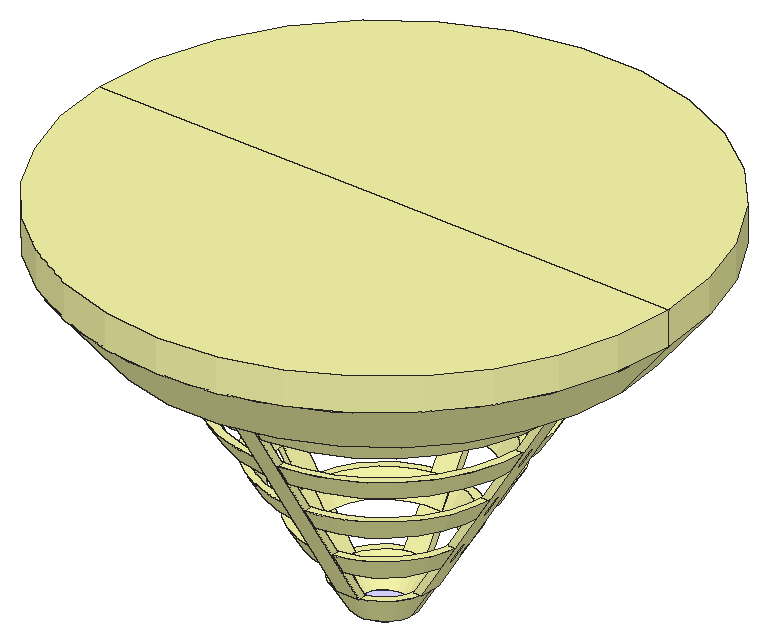
Revit family "FA_Multi Sensor Detector", category Fire Alarm Devices, Revit 2013
Reference planes
  plane 1 "Center (Front/Back)": y = 0
  plane 2: z = 0
  plane 3 "Center (Left/Right)": x = 0
  plane 4 "Bot": z = -35.323
  plane 5: z = -16.323
  plane 6: z = -21.323
  plane 7: z = -25.323
  plane 8: z = -31.323
  plane 9: z = -41.323
  plane 10: z = -45.323
  plane 11: z = -51.323
  plane 12: z = -55.323
  plane 13: z = -61.323
  plane 14: z = -66.323
Forms (mm)
  Revolve 1, solid, material "Face Plate"
    sketch origin (0, 0, 0) x (-1, 0, 0) y (0, 0, -1)
      loop
        line (-52, 0) -> (0, 0) -> (0, 16.323) -> (-43.664, 16.323) -> (-52, 6) -> (-52, 0)
      axis (0, 0) -> (0, 16.323)
    angle from 0 to 360
  Revolve 2, solid, material "Face Plate"
    sketch origin (0, 0, 0) x (1, 0, 0) y (0, 0, 1)
      loop
        line (-33.413, -21.323) -> (-30.914, -25.323) -> (-29.556, -25.323) -> (-32.056, -21.323) -> (-33.413, -21.323)
      loop
        line (-27.164, -31.323) -> (-24.665, -35.323) -> (-23.308, -35.323) -> (-25.807, -31.323) -> (-27.164, -31.323)
      loop
        line (-20.916, -41.323) -> (-18.416, -45.323) -> (-17.059, -45.323) -> (-19.559, -41.323) -> (-20.916, -41.323)
      loop
        line (-14.667, -51.323) -> (-12.168, -55.323) -> (-10.81, -55.323) -> (-13.31, -51.323) -> (-14.667, -51.323)
      loop
        line (-8.418, -61.323) -> (-5.294, -66.323) -> (-3.937, -66.323) -> (-7.061, -61.323) -> (-8.418, -61.323)
      axis (0, -21.323) -> (0, -66.323)
    angle from 0 to 360
  Extrusion 3, solid, material "Face Plate"
    sketch origin (0, 0, 0) x (1, 0, 0) y (0, 0, 1)
      loop
        line (-36.537, -16.323) -> (-8.418, -61.323) -> (-7.06, -61.323) -> (-35.179, -16.323) -> (-36.537, -16.323)
    from -2 to 2
  Extrusion 4, solid, material "Face Plate"
    sketch origin (0, 0, 0) x (0, -1, 0) y (0, 0, 1)
      loop
        line (-36.537, -16.323) -> (-8.418, -61.323) -> (-7.06, -61.323) -> (-35.179, -16.323) -> (-36.537, -16.323)
    from -2 to 2
  Extrusion 5, solid, material "Face Plate"
    sketch origin (0, 0, 0) x (0, 1, 0) y (0, 0, 1)
      loop
        line (-36.537, -16.323) -> (-8.418, -61.323) -> (-7.06, -61.323) -> (-35.179, -16.323) -> (-36.537, -16.323)
    from -2 to 2
  Extrusion 6, solid, material "Face Plate"
    sketch origin (0, 0, 0) x (-1, 0, 0) y (0, 0, 1)
      loop
        line (-36.537, -16.323) -> (-8.418, -61.323) -> (-7.06, -61.323) -> (-35.179, -16.323) -> (-36.537, -16.323)
    from -2 to 2
  Revolve 7, solid, material "Red Glass"
    sketch origin (0, 0, 0) x (1, 0, 0) y (0, 0, 1)
      loop
        arc (-3.937, -66.323) -> (-2.349, -68.199) -> (0, -68.921) r 4.372
        line (0, -68.921) -> (0, -66.323) -> (-3.937, -66.323)
      axis (0, -66.323) -> (0, -68.921)
    angle from 0 to 360
Nested families
  nested 1: "FA_MSD" at (0, 0, 0), type "FA_MSD"
Definition of nested family "FA_MSD"
  Reference planes
    plane 1: y = 0
    plane 2: x = 0
  Lines and regions (mm)
    detail lines, style "Fire Alarm Symbols"
      curve 1: circle (0, 0, 0) r 1.5 normal (0, 0, 1)
  Text (mm)
    text "M" at (0.012, 1.567, 0)
